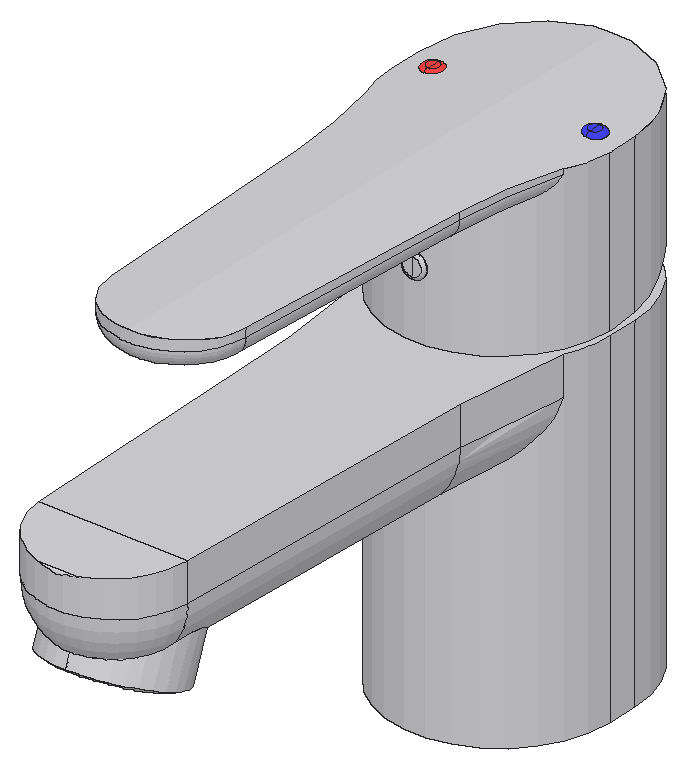
Revit family "Faucet-Lavatory-KOHLER-JULY-K-16027A_1", category Plumbing Fixtures, host Face, Revit 2017
Family settings
  Host = Face
  Round Connector Dimension = Use Diameter
  Part Type = Normal
  OmniClass Number = 23.31.11.00
  OmniClass Title = Faucets
  Cut with Voids When Loaded = No
  Shared = No
  Room Calculation Point = No
Parameters (values of type "4ND, CP-Polished Chrome")
  Width = 1 7/8"  # constant formula
  WaterSense Certified = 1 = 0  # no
  Waste Water Outlet = "Waste Water Outlet"  # constant formula
  Waste Connection = 1 = 0  # no
  Vent Connection = 1 = 0  # no
  URL = "https://www.kohlerasiapacific.com/"
  Type = 1
  Spout Reach = 4 11/32"  # constant formula
  Spout Height = if(Type = 1, 1 13/16", 2 117/128")  # 1 13/16"
  Product Page URL = ""
  Product Name = "JULY"  # constant formula
  Product Documentation Link = ""
  Pressure = 45.00 psi  # constant formula
  Model = if(Type = 1, "K-16027A-4ND-CP", if(Type = 2, "K-16027A-B4ND-CP", "NA"))  # "K-16027A-4ND-CP"
  Material = "Premium Metal Construction"  # constant formula
  Master Format 2014 Name = "Residential Faucets, Supplies, and Trim"  # constant formula
  Master Format 2014 = "22 41 39"  # constant formula
  Manufacturer Address = "No. 158 Jiang Chang San Road, Zhabei District, Shanghai, China"  # constant formula
  Manufacturer = "KOHLER Co."  # constant formula
  Length = Spout Reach  # 4 11/32"
  Hot Water Inlet = "Hot Water Inlet"  # constant formula
  Height = if(Type = 1, 4 125/256", 5 121/256")  # 4 125/256"
  Handle Clearance = 4 11/64"  # constant formula
  HW Connection = 1 = 1  # yes
  Flow Rate = 2.2 GPM  # constant formula
  Finish = Kohler-Metal-CP-Polished_Chrome
  Environmental Product Declaration = ""
  Drain Included = 1 = 0  # no
  Description = if(Type = 1, "Single Control Lavatory", "Plus Basin Mixture")  # "Single Control Lavatory"
  Default Elevation = 36"
  Declare Label = ""
  Date Modified = "08/27/2020"  # constant formula
  Date Created = "08/27/2020"  # constant formula
  Copyright = "Copyright KOHLER Co."  # constant formula
  Contact Us = "https://www.kohlerasiapacific.com/contact-us"
  Cold Water Inlet = "Cold Water Inlet"  # constant formula
  CW Connection = 1 = 1  # yes
  B4ND = Type = 2  # no
  Assembly Code = "D2010"
  ADA Compliant = 1 = 0  # no
  4ND = Type = 1  # yes
Types (3): name | Type | Spout Height | Model | Height | Description | B4ND | 4ND
  (no name) | 1 | 1 13/16" | "K-16027A-4ND-CP" | 4 125/256" | "Single Control Lavatory" | no | yes
  4ND, CP-Polished Chrome | 1 | 1 13/16" | "K-16027A-4ND-CP" | 4 125/256" | "Single Control Lavatory" | no | yes
  B4ND, CP-Polished Chrome | 2 | 2 117/128" | "K-16027A-B4ND-CP" | 5 121/256" | "Plus Basin Mixture" | yes | no
Reference planes
  plane 1 "Center (Front/Back)": y = 0
  plane 2: z = 0
  plane 3 "Center (Left/Right)": x = 0
  plane 4: y = 27.384
  plane 5: y = -27.384
  plane 6: y = -110.331
  plane 7: x = 23.813
  plane 8: x = -23.812
  plane 9: z = 114.002
  plane 10: z = 46.037
  plane 11: y = -105.966
  plane 12: y = -125.787
  plane 13: x = -12.299
  plane 14: x = 12.299
Dimensions and locks
  "Width": plane 8 to plane 7
  "Length": plane 6 to plane 1 "Center (Front/Back)"
  "Spout Reach": plane 1 "Center (Front/Back)" to plane 6
  "Handle Clearance": plane 11 to plane 1 "Center (Front/Back)"
  "Height": plane 9 to level
  "Spout Height": plane 10 to level
  aligned and locked: plane 2 to host face
  aligned and locked: level to host face
  aligned and locked: plane 2 to nested 1
Automatic sketch dimensions
  host sketch curve to host sketch curve = 96"  (x2)
Nested families
  nested 1: "K-16027A" at (0, 0, -24.9), type "K-16027A"
Connectors
  piping at (-12.299, 0, 0), diameter 12.7, driven by "Flow Rate", driven by "Pressure", driven by "HW Connection", driven by "Hot Water Inlet"
    settings: on nested 1, index 1, connector inside diameter 24", connector length 0", flow factor 0, pipe flow 2.2 GPM, pressure drop 45.00 psi, fitting loss kfactor 0, connector angle 0.00°, fixture units 0, engagement length 0", angle of deflection 0.00°, flow configuration 1, flow direction 1, fitting loss method 4, system type 19, joint type 0, gender type 0, connector reference index -1, connector utility 1, adjustable connector no, is connector primary yes, connector description "Hot Water Inlet"
  piping at (12.299, 0, 0), diameter 12.7, driven by "Flow Rate", driven by "Pressure", driven by "CW Connection", driven by "Cold Water Inlet"
    settings: on nested 1, index 2, connector inside diameter 24", connector length 0", flow factor 0, pipe flow 2.2 GPM, pressure drop 45.00 psi, fitting loss kfactor 0, connector angle 0.00°, fixture units 0, engagement length 0", angle of deflection 0.00°, flow configuration 1, flow direction 1, fitting loss method 4, system type 20, joint type 0, gender type 0, connector reference index -1, connector utility 1, adjustable connector no, is connector primary no, connector description "Cold Water Inlet"
Definition of nested family "K-16027A"
  Parameters (values of type "K-16027A")
    Material = none
    Base Height = if([4ND], 0.98031", 0")  # 0.98031"
    B4ND = yes
    4ND = yes
  Reference planes
    plane 1 "Center (Front/Back)": y = 0
    plane 2: z = 0
    plane 3 "Center (Left/Right)": x = 0
    plane 4: y = -110.331
    plane 5: z = 138.906
    plane 6: x = 23.813
    plane 7: x = -23.812
    plane 8: z = 73.819
    plane 9: y = 27.384
    plane 10: y = -27.384
    plane 11: x = -12.299
    plane 12 "A": z = 24.9
  Forms (mm)
    Revolve 1, solid, material <- "Material", detail levels medium+fine
      sketch origin (0, 0, 23.222) x (0, -1, 0) y (0, 0, 1)
        loop
          line (-24.939, 77.285) -> (-4.621, 77.285) -> (-4.621, 90.161) -> (-21.389, 90.161) -> (-22.393, 88.151)
          arc (-22.393, 88.151) -> (-24.028, 83.868) -> (-24.795, 79.349) r 23.355
          line (-24.795, 79.349) -> (-24.939, 77.285)
        axis (-4.621, 90.161) -> (-4.621, 77.285)
      angle from 0 to 360
    Extrusion 2, void
      sketch origin (0, -0.397, 23.123) x (0, -1, 0) y (0, 0, 1)
        loop
          line (-29.496, 90.459) -> (-29.496, 77.886) -> (28.588, 77.886) -> (28.588, 78.938) -> (2.454, 78.938)
          arc (2.454, 78.938) -> (-4.618, 79.713) -> (-11.356, 82) r 32.677
          line (-11.356, 82) -> (-29.496, 90.459)
        loop
          arc (109.603, 77.886) -> (117.194, 77.705) -> (124.767, 77.162) r 159.131
          arc (124.767, 77.162) -> (125.211, 76.94) -> (125.39, 76.477) r 0.688
          line (125.39, 76.477) -> (125.39, 73.176) -> (130.39, 73.176) -> (130.39, 83.176) -> (104.292, 83.176) -> (104.292, 77.886) -> (109.603, 77.886)
      from -33.139 to 33.857
    Extrusion 3, solid, material <- "Material", detail levels medium+fine
      sketch origin (0, 0, 0) x (0, -1, 0) y (1, 0, 0)
        loop
          line (3.521, 23.812) -> (-3.521, 23.812)
          arc (-3.521, 23.812) -> (-27.333, 0) -> (-3.521, -23.812) r 23.812
          line (-3.521, -23.812) -> (3.521, -23.812)
          arc (3.521, -23.812) -> (27.333, 0) -> (3.521, 23.812) r 23.812
      from 24.9 to 147.259
    Extrusion 4, solid, material <- "Material", detail levels medium+fine
      sketch origin (0, 0.794, 23.222) x (0, -1, 0) y (1, 0, 0)
        loop
          arc (37.997, 17.721) -> (23.802, 19.408) -> (9.941, 22.898) r 111.483
          arc (9.941, 22.898) -> (26.636, 0) -> (9.941, -22.898) r 24.05
          arc (9.941, -22.898) -> (23.802, -19.408) -> (37.997, -17.721) r 111.483
          line (37.997, -17.721) -> (92.775, -14.752)
          arc (92.775, -14.752) -> (106.749, 0) -> (92.775, 14.752) r 14.774
          line (92.775, 14.752) -> (37.997, 17.721)
      from 108.702 to 124.036
    Sweep 5, void
      path origin (0, 0.794, 23.222) x (0, -1, 0) y (1, 0, 0)
        loop
          arc (14.418, -21.563) -> (26.104, -19.009) -> (37.997, -17.721) r 111.483
          line (37.997, -17.721) -> (92.775, -14.752)
          arc (92.775, -14.752) -> (106.749, 0) -> (92.775, 14.752) r 14.774
          line (92.775, 14.752) -> (37.997, 17.721)
          arc (37.997, 17.721) -> (26.104, 19.009) -> (14.418, 21.563) r 111.483
      profile origin (0, -105.955, 23.222) x (0, 1, 0) y (0, 0, 1)
        loop
          arc (4.484, 108.702) -> (1.313, 110.015) -> (0, 113.186) r 4.484
          line (0, 113.186) -> (0, 114.113) -> (-1.686, 114.113) -> (-1.686, 106.545) -> (6.287, 106.545) -> (6.287, 108.702) -> (4.484, 108.702)
    Sweep 6, solid, material <- "Material", detail levels medium+fine
      path origin (0, 0, 0) x (0, -1, 0) y (1, 0, 0)
        loop
          arc (8.812, 22.547) -> (23.465, 20.002) -> (38.289, 18.809) r 162.178
          line (38.289, 18.809) -> (110, 16.339)
          arc (110, 16.339) -> (125.786, 0) -> (110, -16.339) r 16.349
          line (110, -16.339) -> (38.289, -18.809)
          arc (38.289, -18.809) -> (23.465, -20.002) -> (8.812, -22.547) r 162.178
      profile origin (0, -125.786, 0) x (0, -1, 0) y (0, 0, 1)
        loop
          arc (-15, 77.494) -> (-4.393, 81.888) -> (0, 92.494) r 15
          line (0, 92.494) -> (0, 101.009) -> (-15.89, 101.009) -> (-15.89, 77.494) -> (-15, 77.494)
    Revolve 7, solid, material <- "Material", detail levels medium+fine
      sketch origin (0, 0, 0) x (0, -1, 0) y (0, 0, 1)
        loop
          line (97.073, 69.052) -> (97.858, 69.369)
          arc (97.858, 69.369) -> (98.151, 69.07) -> (98.569, 69.067) r 0.547
          line (98.569, 69.067) -> (100.171, 69.714) -> (99.604, 71.119) -> (109.764, 75.224) -> (105.838, 84.94) -> (92.784, 79.666) -> (97.073, 69.052)
        axis (105.838, 84.94) -> (110.331, 73.819)
      angle from 0 to 360
    Extrusion 8, solid, material <- "Material", detail levels coarse
      sketch origin (0, 0, 0) x (0, -1, 0) y (1, 0, 0)
        loop
          arc (-3.521, 23.812) -> (-27.333, 0) -> (-3.521, -23.812) r 23.812
          line (-3.521, -23.812) -> (3.521, -23.812)
          arc (3.521, -23.812) -> (27.333, 0) -> (3.521, 23.812) r 23.812
          line (3.521, 23.812) -> (-3.521, 23.812)
      from 24.9 to 138.906
    Extrusion 9, solid, material <- "Material", detail levels coarse
      sketch origin (0, 0, 0) x (0, -1, 0) y (1, 0, 0)
        loop
          line (93.526, 14.752) -> (9.926, 19.284) -> (9.926, -19.284) -> (93.526, -14.752)
          arc (93.526, -14.752) -> (107.5, 0) -> (93.526, 14.752) r 14.774
      from 131.924 to 138.906
    Extrusion 10, solid, material <- "Material", detail levels coarse
      sketch origin (0, 0, 0) x (0, -1, 0) y (1, 0, 0)
        loop
          line (101.314, 16.339) -> (8.487, 19.536) -> (8.487, -19.536) -> (101.314, -16.339)
          arc (101.314, -16.339) -> (117.101, 0) -> (101.314, 16.339) r 16.349
      from 77.494 to 101.009
    Extrusion 11, solid, material <- "Material", detail levels medium+fine
      sketch origin (0, 0, 0) x (0, -1, 0) y (1, 0, 0)
        loop
          arc (37.742, 2.928) -> (21.466, 4.238) -> (5.377, 7.033) r 178.068
          line (5.377, 7.033) -> (5.377, -7.033)
          arc (5.377, -7.033) -> (21.466, -4.238) -> (37.742, -2.928) r 178.068
          line (37.742, -2.928) -> (109.453, -0.459)
          arc (109.453, -0.459) -> (109.896, 0) -> (109.453, 0.459) r 0.459
          line (109.453, 0.459) -> (37.742, 2.928)
      from 77.494 to 101.009
    Extrusion 12, void
      sketch origin (0, 0, 0) x (1, 0, 0) y (0, 0, 1)
        loop
          line (32.225, 157.927) -> (-32.225, 157.927) -> (-32.225, 135.739)
          arc (-32.225, 135.739) -> (0, 138.906) -> (32.225, 135.739) r 165.503
          line (32.225, 135.739) -> (32.225, 157.927)
      from -36.886 to 109.17
    Revolve 13, solid
      sketch origin (17.798, 0, 0) x (0, -1, 0) y (0, 0, 1)
        loop
          line (0, 138.267) -> (-1.454, 138.267)
          arc (-1.454, 138.267) -> (-2.152, 137.977) -> (-2.441, 137.279) r 0.988
          line (-2.441, 137.279) -> (-2.441, 135.977) -> (0, 135.977) -> (0, 138.267)
        axis (0, 138.267) -> (0, 135.977)
      angle from 0 to 360
    Revolve 14, solid
      sketch origin (-17.798, 0, 0) x (0, -1, 0) y (0, 0, -1)
        loop
          line (0, -138.267) -> (0, -135.977) -> (-2.441, -135.977) -> (-2.441, -137.279)
          arc (-2.441, -137.279) -> (-2.152, -137.977) -> (-1.454, -138.267) r 0.988
          line (-1.454, -138.267) -> (0, -138.267)
        axis (0, -138.267) -> (0, -135.977)
      angle from 0 to 360
    Extrusion 15, solid, material <- "Material", detail levels medium+fine
      sketch origin (0, 0, 24.9) x (-1, 0, 0) y (0, -1, 0)
        loop
          circle (12.299, 0) r 6.35
        loop
          circle (-12.299, 0) r 6.35
      from 0 to 3
    Revolve 16, solid, material <- "Material", detail levels medium+fine
      sketch origin (0, 0, 4.375) x (0, 1, 0) y (0, 0, 1)
        loop
          line (-27.948, 112.687) -> (-26.53, 112.687) -> (-26.53, 115.38) -> (-27.327, 115.38)
          arc (-27.327, 115.38) -> (-27.766, 115.198) -> (-27.948, 114.759) r 0.621
          line (-27.948, 114.759) -> (-27.948, 112.687)
        axis (-27.948, 112.687) -> (-26.53, 112.687)
      angle from 0 to 360
  Cuts and joins
    Extrusion 12 cuts Extrusion 8
    Extrusion 12 cuts Extrusion 9
    joined: Extrusion 8, Extrusion 9, Extrusion 10
    Extrusion 2, Extrusion 12 cuts Extrusion 3
    Sweep 5, Extrusion 12 cuts Extrusion 4
    Extrusion 2 cuts Sweep 6
    joined: Revolve 1, Extrusion 3, Extrusion 4, Sweep 6, Revolve 7, Extrusion 11
  Lines and regions (mm)
    Masking region 1
      outline origin (0, 0, 0) x (1, 0, 0) y (0, 0, 1)
        loop
          line (-23.812, 24.9) -> (23.813, 24.9) -> (23.813, 99.009)
          arc (23.813, 99.009) -> (23.227, 100.424) -> (21.813, 101.009) r 2
          line (21.813, 101.009) -> (19.465, 101.009) -> (19.465, 102.687) -> (21.813, 102.687)
          arc (21.813, 102.687) -> (23.227, 103.272) -> (23.813, 104.687) r 2
          line (23.813, 104.687) -> (23.813, 135.881)
          arc (23.813, 135.881) -> (23.443, 136.867) -> (22.517, 137.367) r 1.5
          arc (22.517, 137.367) -> (21.349, 137.524) -> (20.18, 137.671) r 165.503
          arc (20.18, 137.671) -> (19.784, 138.109) -> (19.218, 138.271) r 1.071
          line (19.218, 138.271) -> (16.709, 138.271)
          arc (16.709, 138.271) -> (16.312, 138.238) -> (15.927, 138.138) r 2.366
          arc (15.927, 138.138) -> (7.973, 138.714) -> (0, 138.906) r 165.503
          arc (0, 138.906) -> (-7.973, 138.714) -> (-15.927, 138.138) r 165.503
          arc (-15.927, 138.138) -> (-16.312, 138.238) -> (-16.709, 138.271) r 2.366
          line (-16.709, 138.271) -> (-19.218, 138.271)
          arc (-19.218, 138.271) -> (-19.784, 138.109) -> (-20.18, 137.671) r 1.071
          arc (-20.18, 137.671) -> (-21.349, 137.524) -> (-22.517, 137.367) r 165.503
          arc (-22.517, 137.367) -> (-23.443, 136.867) -> (-23.812, 135.881) r 1.5
          line (-23.812, 135.881) -> (-23.812, 104.711)
          arc (-23.812, 104.711) -> (-23.22, 103.279) -> (-21.789, 102.687) r 2.024
          line (-21.789, 102.687) -> (-19.465, 102.687) -> (-19.465, 101.009) -> (-21.812, 101.009)
          arc (-21.812, 101.009) -> (-23.227, 100.424) -> (-23.812, 99.009) r 2
          line (-23.812, 99.009) -> (-23.812, 24.9)
    Masking region 2
      outline origin (0, 0, 0) x (0, 1, 0) y (0, 0, 1)
        loop
          line (27.384, 24.9) -> (27.384, 99.503)
          arc (27.384, 99.503) -> (26.943, 100.568) -> (25.878, 101.009) r 1.506
          line (25.878, 101.009) -> (24.902, 101.009)
          arc (24.902, 101.009) -> (24.227, 106.188) -> (22.38, 111.074) r 22.589
          line (22.38, 111.074) -> (26.465, 112.979)
          arc (26.465, 112.979) -> (27.135, 113.566) -> (27.384, 114.422) r 1.592
          line (27.384, 114.422) -> (27.384, 137.37)
          arc (27.384, 137.37) -> (27.214, 137.828) -> (26.785, 138.063) r 0.7
          arc (26.785, 138.063) -> (20.933, 138.695) -> (15.051, 138.906) r 82.018
          line (15.051, 138.906) -> (-95, 138.906)
          arc (-95, 138.906) -> (-100.193, 138.704) -> (-105.355, 138.1) r 66.875
          arc (-105.355, 138.1) -> (-105.785, 137.86) -> (-105.955, 137.398) r 0.71
          line (-105.955, 137.398) -> (-105.955, 136.339)
          arc (-105.955, 136.339) -> (-105.34, 134.247) -> (-103.69, 132.821) r 3.864
          arc (-103.69, 132.821) -> (-97.393, 131.167) -> (-90.905, 131.703) r 19.276
          arc (-90.905, 131.703) -> (-90.039, 131.869) -> (-89.16, 131.924) r 6.99
          line (-89.16, 131.924) -> (-38.384, 131.924)
          arc (-38.384, 131.924) -> (-30.689, 128.785) -> (-27.387, 121.159) r 11
          line (-27.387, 121.159) -> (-27.387, 119.753)
          arc (-27.387, 119.753) -> (-27.787, 119.552) -> (-27.948, 119.134) r 0.621
          line (-27.948, 119.134) -> (-27.948, 114.989)
          arc (-27.948, 114.989) -> (-27.786, 114.571) -> (-27.384, 114.37) r 0.621
          line (-27.384, 114.37) -> (-27.384, 104.187)
          arc (-27.384, 104.187) -> (-26.945, 103.126) -> (-25.884, 102.687) r 1.5
          line (-25.884, 102.687) -> (-20.187, 102.687) -> (-20.187, 101.009) -> (-110, 101.009)
          arc (-110, 101.009) -> (-117.591, 100.828) -> (-125.164, 100.285) r 159.131
          arc (-125.164, 100.285) -> (-125.608, 100.063) -> (-125.786, 99.6) r 0.688
          line (-125.786, 99.6) -> (-125.786, 92.494)
          arc (-125.786, 92.494) -> (-124.985, 87.656) -> (-122.665, 83.334) r 15
          line (-122.665, 83.334) -> (-123.118, 82.212) -> (-122.391, 81.918) -> (-123.307, 79.651) -> (-122.395, 79.283)
          arc (-122.395, 79.283) -> (-122.392, 78.864) -> (-122.093, 78.571) r 0.547
          line (-122.093, 78.571) -> (-98.569, 69.067)
          arc (-98.569, 69.067) -> (-98.151, 69.07) -> (-97.858, 69.369) r 0.547
          line (-97.858, 69.369) -> (-96.946, 69) -> (-96.03, 71.267) -> (-95.303, 70.973) -> (-92.668, 77.494) -> (-41.384, 77.494)
          arc (-41.384, 77.494) -> (-31.485, 73.394) -> (-27.384, 63.494) r 14
          line (-27.384, 63.494) -> (-27.384, 24.9) -> (27.384, 24.9)
    Masking region 3
      outline origin (0, 0, 0) x (1, 0, 0) y (0, 1, 0)
        loop
          line (-23.812, 3.521) -> (-23.812, -3.521)
          arc (-23.812, -3.521) -> (-23.577, -6.86) -> (-22.876, -10.133) r 23.812
          arc (-22.876, -10.133) -> (-20.884, -18.364) -> (-19.62, -26.737) r 96.512
          arc (-19.62, -26.737) -> (-19.112, -32.506) -> (-18.809, -38.289) r 162.178
          line (-18.809, -38.289) -> (-16.339, -110)
          arc (-16.339, -110) -> (0, -125.787) -> (16.339, -110) r 16.349
          line (16.339, -110) -> (18.809, -38.289)
          arc (18.809, -38.289) -> (19.112, -32.506) -> (19.62, -26.737) r 162.178
          arc (19.62, -26.737) -> (20.884, -18.364) -> (22.876, -10.133) r 96.512
          arc (22.876, -10.133) -> (23.577, -6.86) -> (23.813, -3.521) r 23.812
          line (23.813, -3.521) -> (23.813, 3.521)
          arc (23.813, 3.521) -> (16.841, 20.377) -> (0, 27.384) r 23.864
          arc (0, 27.384) -> (-16.841, 20.377) -> (-23.812, 3.521) r 23.864
    symbolic lines, detail levels medium+fine
      curve 1: spline (0, 0, 69.714) -> (-2.836, 0, 69.854) -> (-5.479, 0, 70.264) -> (-7.748, 0, 70.916) -> (-9.49, 0, 71.766) -> (-10.584, 0, 72.756) -> (-10.958, 0, 73.819) -> (-10.584, 0, 74.881) -> (-9.49, 0, 75.871) -> (-7.748, 0, 76.721) -> (-5.479, 0, 77.374) -> (-2.836, 0, 77.784) -> (0, 0, 77.924)
      curve 2: spline (0, 0, 68.707) -> (-3.882, 0, 68.898) -> (-7.5, 0, 69.459) -> (-10.607, 0, 70.352) -> (-12.99, 0, 71.516) -> (-14.489, 0, 72.871) -> (-15, 0, 74.326) -> (-14.489, 0, 75.78) -> (-12.99, 0, 77.135) -> (-10.607, 0, 78.299) -> (-7.5, 0, 79.192) -> (-3.882, 0, 79.753) -> (0, 0, 79.945)
      curve 3: spline (0, 0, 69.369) -> (-3.425, 0, 69.538) -> (-6.616, 0, 70.033) -> (-9.357, 0, 70.821) -> (-11.46, 0, 71.847) -> (-12.782, 0, 73.043) -> (-13.232, 0, 74.326) -> (-12.782, 0, 75.609) -> (-11.46, 0, 76.804) -> (-9.357, 0, 77.831) -> (-6.616, 0, 78.619) -> (-3.425, 0, 79.114) -> (0, 0, 79.283)
      curve 4: spline (0, 0, 71.119) -> (-1.274, 0, 71.147) -> (-2.532, 0, 71.23) -> (-3.754, 0, 71.368) -> (-4.926, 0, 71.557) -> (-6.031, 0, 71.797) -> (-7.054, 0, 72.083) -> (-7.981, 0, 72.411) -> (-8.8, 0, 72.778) -> (-9.5, 0, 73.178) -> (-10.071, 0, 73.606) -> (-10.505, 0, 74.056) -> (-10.796, 0, 74.521)
      curve 5: spline (0, 0, 69.714) -> (2.836, 0, 69.854) -> (5.479, 0, 70.264) -> (7.748, 0, 70.916) -> (9.49, 0, 71.766) -> (10.584, 0, 72.756) -> (10.958, 0, 73.819) -> (10.584, 0, 74.881) -> (9.49, 0, 75.871) -> (7.748, 0, 76.721) -> (5.479, 0, 77.374) -> (2.836, 0, 77.784) -> (0, 0, 77.924)
      curve 6: spline (0, 0, 68.707) -> (3.882, 0, 68.898) -> (7.5, 0, 69.459) -> (10.607, 0, 70.352) -> (12.99, 0, 71.516) -> (14.489, 0, 72.871) -> (15, 0, 74.326) -> (14.489, 0, 75.78) -> (12.99, 0, 77.135) -> (10.607, 0, 78.299) -> (7.5, 0, 79.192) -> (3.882, 0, 79.753) -> (0, 0, 79.945)
      curve 7: spline (0, 0, 69.369) -> (3.425, 0, 69.538) -> (6.616, 0, 70.033) -> (9.357, 0, 70.821) -> (11.46, 0, 71.847) -> (12.782, 0, 73.043) -> (13.232, 0, 74.326) -> (12.782, 0, 75.609) -> (11.46, 0, 76.804) -> (9.357, 0, 77.831) -> (6.616, 0, 78.619) -> (3.425, 0, 79.114) -> (0, 0, 79.283)
      curve 8: spline (0, 0, 71.119) -> (1.274, 0, 71.147) -> (2.532, 0, 71.23) -> (3.754, 0, 71.368) -> (4.926, 0, 71.557) -> (6.031, 0, 71.797) -> (7.054, 0, 72.083) -> (7.981, 0, 72.411) -> (8.8, 0, 72.778) -> (9.5, 0, 73.178) -> (10.071, 0, 73.606) -> (10.505, 0, 74.056) -> (10.796, 0, 74.521)
      curve 9: arc (-15, 0, 80.775) -> (-17.768, 0, 84.753) -> (-18.743, 0, 89.501) r 12.042
      curve 10: line (-18.743, 0, 89.501) -> (-18.743, 0, 101.009)
      curve 11: line (-19.465, 0, 101.009) -> (19.465, 0, 101.009)
      curve 12: line (-15, 0, 74.326) -> (-15, 0, 81.452)
      curve 13: spline (-15, 0, 81.452) -> (-14.872, 0, 82.185) -> (-14.489, 0, 82.906) -> (-13.858, 0, 83.602) -> (-12.99, 0, 84.261) -> (-11.9, 0, 84.872) -> (-10.607, 0, 85.425) -> (-9.131, 0, 85.91) -> (-7.5, 0, 86.318) -> (-5.74, 0, 86.643) -> (-3.882, 0, 86.879) -> (-1.958, 0, 87.023) -> (0, 0, 87.071)
      curve 14: arc (15, 0, 80.775) -> (17.768, 0, 84.753) -> (18.743, 0, 89.501) r 12.042
      curve 15: line (18.743, 0, 89.501) -> (18.743, 0, 101.009)
      curve 16: line (15, 0, 74.326) -> (15, 0, 81.452)
      curve 17: spline (15, 0, 81.452) -> (14.872, 0, 82.185) -> (14.489, 0, 82.906) -> (13.858, 0, 83.602) -> (12.99, 0, 84.261) -> (11.9, 0, 84.872) -> (10.607, 0, 85.425) -> (9.131, 0, 85.91) -> (7.5, 0, 86.318) -> (5.74, 0, 86.643) -> (3.882, 0, 86.879) -> (1.958, 0, 87.023) -> (0, 0, 87.071)
      curve 18: line (19.465, 0, 102.687) -> (-19.465, 0, 102.687)
      curve 19: line (-8.223, 0, 83.279) -> (-8.223, 0, 79.025)
      curve 20: line (8.223, 0, 83.279) -> (8.223, 0, 79.025)
      curve 21: arc (-8.223, 0, 83.279) -> (0, 0, 84.429) -> (8.223, 0, 83.279) r 29.968
      curve 22: line (0, 22.38, 111.074) -> (0, 10.959, 105.748)
      curve 23: arc (0, -2.851, 102.687) -> (0, 4.221, 103.461) -> (0, 10.959, 105.748) r 32.677
      curve 24: line (0, -2.851, 102.687) -> (0, -20.187, 102.687)
      curve 25: line (0, 24.902, 101.009) -> (0, -20.187, 101.009)
      curve 26: arc (0, -104.064, 79.272) -> (0, -98.304, 77.941) -> (0, -92.41, 77.494) r 39.085
      curve 27: arc (-14.752, -91.981, 0) -> (0, -105.955, 0) -> (14.752, -91.981, 0) r 14.774
      curve 28: line (-17.721, -37.203, 0) -> (-14.752, -91.981, 0)
      curve 29: arc (-23.512, -7.29, 0) -> (-19.59, -22.048, 0) -> (-17.721, -37.203, 0) r 111.483
      curve 30: line (17.721, -37.203, 0) -> (14.752, -91.981, 0)
      curve 31: arc (23.512, -7.29, 0) -> (19.59, -22.048, 0) -> (17.721, -37.203, 0) r 111.483
      curve 32: circle (-17.798, 0, 0) r 2.441 normal (0, 0, 1)
      curve 33: circle (17.798, 0, 0) r 2.441 normal (0, 0, -1)
      curve 34: line (0, -97.858, 69.369) -> (0, -122.395, 79.283)
      curve 35: arc (0, -122.665, 83.334) -> (0, -113.275, 81.712) -> (0, -104.064, 79.272) r 108.604
      curve 36: line (-15.64, 0, 131.924) -> (15.64, 0, 131.924)
      curve 37: arc (-21.563, 0, 136.408) -> (-19.355, 0, 133.172) -> (-15.64, 0, 131.924) r 6.153
      curve 38: arc (21.563, 0, 136.408) -> (19.355, 0, 133.172) -> (15.64, 0, 131.924) r 6.153
      curve 39: arc (-20.18, 0, 137.671) -> (-18.055, 0, 137.919) -> (-15.927, 0, 138.138) r 165.503
      curve 40: arc (20.18, 0, 137.671) -> (18.055, 0, 137.919) -> (15.927, 0, 138.138) r 165.503
      curve 41: line (0, -27.387, 119.753) -> (0, -27.384, 114.37)
      curve 42: circle (0, 0, 117.062) r 2.694 normal (0, -1, 0)
      curve 43: arc (-21.349, 0, 137.524) -> (-21.587, 0, 136.991) -> (-21.563, 0, 136.408) r 1.268
      curve 44: arc (21.349, 0, 137.524) -> (21.587, 0, 136.991) -> (21.563, 0, 136.408) r 1.268
      curve 45: arc (-18.22, 0, 137.082) -> (-16.132, 0, 133.388) -> (-12.148, 0, 131.924) r 6.153
      curve 46: arc (-17.721, 0, 137.955) -> (-18.125, 0, 137.607) -> (-18.22, 0, 137.082) r 0.797
      curve 47: arc (18.22, 0, 137.082) -> (16.132, 0, 133.388) -> (12.148, 0, 131.924) r 6.153
      curve 48: arc (17.721, 0, 137.955) -> (18.125, 0, 137.607) -> (18.22, 0, 137.082) r 0.797
  Dimensions and locks
    plane 1 "Center (Front/Back)" to plane 4 = 4 11/32"
    plane 7 to plane 6 = 1 7/8"
    plane 4 to plane 1 "Center (Front/Back)" = 4 11/32"
    "Base Height": plane 12 "A" to level
    aligned and locked: plane 2 to level
    aligned and locked: cut or joined group of Revolve 1, Extrusion 2, Extrusion 3, Extrusion 4, Sweep 5, Sweep 6, Revolve 7, Extrusion 11, Extrusion 12 to plane 12 "A"
    aligned and locked: cut or joined group of Extrusion 8, Extrusion 9, Extrusion 10, Extrusion 12 to plane 12 "A"
    aligned and locked: Extrusion 15 to plane 12 "A"
    aligned and locked: Masking region 1 to plane 12 "A"
    aligned and locked: plane 12 "A" to Masking region 2
  Automatic sketch dimensions
    plane 1 "Center (Front/Back)" to curve 32 = 0"
    curve 27 to plane 3 "Center (Left/Right)" = 0"
    plane 1 "Center (Front/Back)" to curve 33 = 0"
    plane 11 to curve 28 = 0.0966"
    plane 11 to curve 28 = 0.21349"
    plane 11 to curve 32 = 0.21652"
    plane 10 to curve 29 = 0.62409"
    curve 29 to plane 7 = 4.14284"
    plane 6 to curve 30 = 0.35669"
    plane 6 to curve 30 = 0.23981"
    plane 6 to curve 33 = 0.23678"
    plane 10 to curve 31 = 0.62409"
    curve 31 to plane 6 = 4.14284"
    plane 4 to curve 27 = 0.75394"
    curve 28 to curve 27 = 0.03148"
    plane 10 to curve 30 = 0.38655"
    plane 10 to curve 28 = 0.38655"
    plane 7 to curve 29 = 0.01182"
    plane 6 to curve 31 = 0.01182"
    curve 41 to plane 10 = 0"
    plane 4 to curve 26 = 0.70556"
    curve 35 to plane 4 = 1.02815"
    plane 1 "Center (Front/Back)" to curve 24 = 0.11225"
    curve 22 to plane 1 "Center (Front/Back)" = 0.43145"
    curve 35 to level = 0.9603"
    plane 8 to curve 24 = 1.13653"
    curve 23 to curve 22 = 0.12054"
    curve 26 to plane 5 = 0.87902"
    plane 10 to curve 41 = 0.0001"
    curve 34 to plane 8 = 0.1752"
    curve 34 to curve 26 = 0.21446"
    plane 8 to curve 26 = 0.21471"
    curve 35 to curve 26 = 0"
    plane 8 to curve 34 = 0.21512"
    curve 34 to plane 4 = 0.47496"
    curve 35 to curve 34 = 0.01061"
    curve 24 to plane 10 = 0.28337"
    curve 25 to curve 24 = 0"
    curve 22 to plane 9 = 0.19703"
    curve 25 to plane 9 = 0.09773"
    curve 25 to curve 23 = 0.18657"
    curve 25 to curve 22 = 0.39624"
    curve 24 to curve 41 = 0.45999"
    curve 41 to curve 41 = 0.2119"
    curve 39 to curve 40 = 0"  (x2)
    curve 1 to plane 8 = 0"
    curve 3 to plane 3 "Center (Left/Right)" = 0"
    curve 8 to plane 3 "Center (Left/Right)" = 0"
    curve 2 to plane 3 "Center (Left/Right)" = 0"
    curve 13 to plane 3 "Center (Left/Right)" = 0"
    curve 42 to plane 3 "Center (Left/Right)" = 0"
    curve 40 to plane 3 "Center (Left/Right)" = 0"
    curve 1 to plane 3 "Center (Left/Right)" = 0"
    curve 21 to plane 3 "Center (Left/Right)" = 0"
    curve 9 to plane 11 = 0.22041"
    curve 19 to plane 11 = 0.16046"
    curve 45 to plane 11 = 0.00593"
    plane 11 to curve 12 = 0.10635"
    curve 37 to plane 5 = 0.03264"
    plane 11 to curve 37 = 0.13156"
    curve 46 to curve 37 = 0.07058"
    plane 7 to curve 10 = 0.1996"
    curve 43 to curve 46 = 0.11454"
    plane 3 "Center (Left/Right)" to curve 14 = 0.26379"
    curve 14 to curve 20 = 0.05994"
    curve 47 to plane 5 = 0.03264"
    plane 6 to curve 47 = 0.45923"
    curve 20 to curve 16 = 0.26681"
    curve 38 to plane 5 = 0.03264"
    curve 47 to curve 38 = 0.13749"
    curve 38 to curve 48 = 0.07058"
    plane 6 to curve 15 = 0.1996"
    curve 48 to curve 44 = 0.11454"
    curve 21 to plane 8 = 0.76212"
    curve 40 to level = 1.04711"
    plane 8 to curve 16 = 0.30051"
    plane 8 to curve 12 = 0.30051"
    curve 16 to curve 20 = 0.07194"
    curve 17 to curve 15 = 0.31689"
    curve 19 to curve 9 = 0.24495"
    curve 42 to plane 5 = 0.86003"
    curve 36 to curve 37 = 0.24224"
    curve 43 to plane 5 = 0.0848"
    curve 44 to plane 5 = 0.0848"
    curve 48 to plane 5 = 0.06673"
    curve 46 to plane 5 = 0.06673"
    curve 45 to plane 5 = 0.03264"
    plane 8 to curve 4 = 0.02766"
    curve 4 to plane 11 = 0.05916"
    curve 4 to curve 4 = 0.00637"
    curve 1 to curve 4 = 0.00637"
    plane 11 to curve 3 = 0.03676"
    curve 39 to curve 37 = 0.01127"
    curve 46 to curve 46 = 0.01135"
    curve 46 to curve 45 = 0"
    curve 11 to curve 10 = 0.02844"
    curve 18 to curve 11 = 0"  (x2)
    curve 43 to curve 39 = 0.0064"
    curve 37 to curve 43 = 0.00843"
    curve 43 to curve 37 = 0"
    plane 8 to curve 8 = 0.02766"
    curve 8 to curve 16 = 0.16551"
    curve 8 to curve 8 = 0.00637"
    plane 8 to curve 7 = 0.01996"
    curve 7 to curve 16 = 0.06959"
    curve 36 to curve 38 = 0"
    curve 38 to curve 40 = 0.01127"
    curve 48 to curve 48 = 0.01135"
    curve 48 to curve 47 = 0"
    curve 15 to curve 11 = 0.02844"
    curve 40 to curve 44 = 0.0064"
    curve 44 to curve 38 = 0.00843"
    curve 44 to curve 38 = 0"
    curve 1 to curve 4 = 0.05532"
    curve 3 to curve 1 = 0.01359"
    curve 2 to curve 3 = 0.02607"
    plane 8 to curve 6 = 0.01996"
    curve 12 to curve 2 = 0"
    curve 16 to curve 6 = 0"
    curve 13 to curve 17 = 0.22122"
    curve 15 to curve 11 = 0.4531"
    curve 11 to curve 18 = 0.06603"
    Revolve 1 sketch curve to plane 9 = 0.09626"
    Revolve 1 sketch curve to Revolve 1 sketch curve = 0.00568"
    Revolve 1 sketch curve to plane 9 = 0.19651"
    Revolve 1 sketch curve to Revolve 1 sketch curve = 0.03952"
    Revolve 1 sketch curve to plane 1 "Center (Front/Back)" = 0.18193"
    Revolve 1 sketch curve to plane 1 "Center (Front/Back)" = 0.05894"
    plane 8 to Revolve 1 sketch curve = 1.05075"
    Revolve 1 sketch curve to Revolve 1 sketch curve = 0.01708"
    Revolve 1 sketch curve to Revolve 1 sketch curve = 0.08122"
    Revolve 1 sketch curve to Revolve 1 sketch curve = 0.07916"
    Revolve 1 sketch curve to Revolve 1 sketch curve = 0"  (x2)
    Revolve 1 sketch curve to Revolve 1 sketch curve = 0.39351"
    plane 9 to Extrusion 2 sketch curve = 0.06751"
    Extrusion 2 sketch curve to plane 1 "Center (Front/Back)" = 0.43145"
    plane 1 "Center (Front/Back)" to Extrusion 2 sketch curve = 0.11225"
    plane 10 to Extrusion 2 sketch curve = 0.06303"
    plane 4 to Extrusion 2 sketch curve = 0.22216"
    plane 4 to Extrusion 2 sketch curve = 0.01304"
    Extrusion 2 sketch curve to plane 4 = 0.58138"
    Extrusion 2 sketch curve to Extrusion 2 sketch curve = 0.02709"
    Extrusion 2 sketch curve to Extrusion 2 sketch curve = 0.19685"
    Extrusion 2 sketch curve to level = 2.28825"
    plane 8 to Extrusion 2 sketch curve = 0.88504"
    Extrusion 2 sketch curve to Extrusion 2 sketch curve = 0.12997"
    plane 8 to Extrusion 2 sketch curve = 1.0705"
    Extrusion 2 sketch curve to Extrusion 2 sketch curve = 0.05548"
    Extrusion 2 sketch curve to Extrusion 2 sketch curve = 0.04143"
    Extrusion 2 sketch curve to Extrusion 2 sketch curve = 0.12054"
    Extrusion 2 sketch curve to Extrusion 2 sketch curve = 0.20825"
    Extrusion 2 sketch curve to Extrusion 2 sketch curve = 0.49499"
    Extrusion 3 sketch curve to plane 7 = 0"
    Extrusion 3 sketch curve to plane 6 = 0"
    Extrusion 3 sketch curve to plane 1 "Center (Front/Back)" = 0.13861"
    plane 1 "Center (Front/Back)" to Extrusion 3 sketch curve = 0.13861"
    Extrusion 4 sketch curve to plane 3 "Center (Left/Right)" = 0"  (x2)
    plane 1 "Center (Front/Back)" to Extrusion 4 sketch curve = 0.07058"
    plane 10 to Extrusion 4 sketch curve = 0.38655"  (x2)
    plane 10 to Extrusion 4 sketch curve = 0.62409"  (x2)
    plane 4 to Extrusion 4 sketch curve = 0.75394"
    plane 6 to Extrusion 4 sketch curve = 0.35669"
    Extrusion 4 sketch curve to Extrusion 4 sketch curve = 0.03148"
    plane 11 to Extrusion 4 sketch curve = 0.0966"
    plane 11 to Extrusion 4 sketch curve = 0.21349"
    Extrusion 4 sketch curve to plane 7 = 4.14284"
    plane 6 to Extrusion 4 sketch curve = 0.23981"
    Extrusion 4 sketch curve to plane 6 = 4.14284"
    Extrusion 4 sketch curve to Extrusion 4 sketch curve = 0"
    Sweep 5 sketch curve to plane 3 "Center (Left/Right)" = 0"
    plane 10 to Sweep 5 sketch curve = 0.38655"  (x2)
    plane 10 to Sweep 5 sketch curve = 0.62409"  (x2)
    plane 4 to Sweep 5 sketch curve = 0.75394"
    plane 11 to Sweep 5 sketch curve = 0.0966"
    Sweep 5 sketch curve to Sweep 5 sketch curve = 0.03148"
    plane 6 to Sweep 5 sketch curve = 0.35669"
    plane 11 to Sweep 5 sketch curve = 0.21349"
    Sweep 5 sketch curve to plane 7 = 4.14284"
    plane 6 to Sweep 5 sketch curve = 0.23981"
    Sweep 5 sketch curve to plane 6 = 4.14284"
    plane 6 to Sweep 5 sketch curve = 0.08858"
    plane 7 to Sweep 5 sketch curve = 0.08858"
    Sweep 5 sketch curve to profile plane = 0"
    profile plane to Sweep 5 sketch curve = 0.06637"
    Sweep 5 sketch curve to profile plane = 0.17654"
    Sweep 5 sketch curve to Sweep 5 sketch curve = 0.07099"
    profile plane to Sweep 5 sketch curve = 4.19467"
    Sweep 5 sketch curve to Sweep 5 sketch curve = 0.08494"
    Sweep 5 sketch curve to Sweep 5 sketch curve = 0.03651"
    Sweep 6 sketch curve to plane 3 "Center (Left/Right)" = 0"
    plane 6 to Sweep 6 sketch curve = 0.19699"
    plane 10 to Sweep 6 sketch curve = 0.42932"  (x2)
    plane 7 to Sweep 6 sketch curve = 0.19699"
    plane 10 to Sweep 6 sketch curve = 0.64906"  (x2)
    plane 4 to Sweep 6 sketch curve = 0.03519"
    plane 4 to Sweep 6 sketch curve = 0.01304"  (x2)
    Sweep 6 sketch curve to plane 7 = 6.18421"
    plane 11 to Sweep 6 sketch curve = 0.15908"
    Sweep 6 sketch curve to plane 6 = 6.18421"
    plane 6 to Sweep 6 sketch curve = 0.0498"
    plane 7 to Sweep 6 sketch curve = 0.0498"
    Sweep 6 sketch curve to profile plane = 0"
    profile plane to Sweep 6 sketch curve = 0.59055"
    Sweep 6 sketch curve to Sweep 6 sketch curve = 0.03504"
    profile plane to Sweep 6 sketch curve = 3.05096"
    Sweep 6 sketch curve to Sweep 6 sketch curve = 0.33523"
    Revolve 7 sketch curve to plane 4 = 0"
    Revolve 7 sketch curve to plane 8 = 0"
    plane 4 to Revolve 7 sketch curve = 0.02235"
    plane 4 to Revolve 7 sketch curve = 0.1769"
    Revolve 7 sketch curve to plane 8 = 0.16161"
    plane 4 to Revolve 7 sketch curve = 0.39999"
    Revolve 7 sketch curve to plane 8 = 0.10628"
    Revolve 7 sketch curve to Revolve 7 sketch curve = 0.02235"
    Revolve 7 sketch curve to plane 8 = 0.18709"
    Revolve 7 sketch curve to Revolve 7 sketch curve = 0.00806"
    Revolve 7 sketch curve to plane 8 = 0.1752"
    Revolve 7 sketch curve to Revolve 7 sketch curve = 0.01996"
    Revolve 7 sketch curve to plane 8 = 0.18768"
    Revolve 7 sketch curve to plane 4 = 0.06867"
    Revolve 7 sketch curve to plane 8 = 0.16997"
    Extrusion 8 sketch curve to plane 3 "Center (Left/Right)" = 0"
    Extrusion 8 sketch curve to plane 6 = 0"
    Extrusion 8 sketch curve to plane 1 "Center (Front/Back)" = 0.13861"
    plane 1 "Center (Front/Back)" to Extrusion 8 sketch curve = 0.13861"
    Extrusion 9 sketch curve to plane 3 "Center (Left/Right)" = 0"
    plane 6 to Extrusion 9 sketch curve = 0.17831"
    plane 1 "Center (Front/Back)" to Extrusion 9 sketch curve = 0.39079"
    plane 4 to Extrusion 9 sketch curve = 0.69312"
    plane 11 to Extrusion 9 sketch curve = 0.0966"
    Extrusion 9 sketch curve to Extrusion 9 sketch curve = 0.03148"
    plane 6 to Extrusion 9 sketch curve = 0.35669"
    plane 7 to Extrusion 9 sketch curve = 0.17831"
    Extrusion 10 sketch curve to plane 3 "Center (Left/Right)" = 0"
    plane 1 "Center (Front/Back)" to Extrusion 10 sketch curve = 0.33412"
    plane 4 to Extrusion 10 sketch curve = 0.37715"
    plane 11 to Extrusion 10 sketch curve = 0.15908"
    plane 4 to Extrusion 10 sketch curve = 0.355"
    plane 6 to Extrusion 10 sketch curve = 0.29421"
    plane 7 to Extrusion 10 sketch curve = 0.16836"
    plane 6 to Extrusion 10 sketch curve = 0.16836"
    Extrusion 11 sketch curve to plane 3 "Center (Left/Right)" = 0"
    plane 1 "Center (Front/Back)" to Extrusion 11 sketch curve = 0.21171"
    Extrusion 11 sketch curve to plane 3 "Center (Left/Right)" = 0.11529"
    plane 10 to Extrusion 11 sketch curve = 0.40779"
    plane 3 "Center (Left/Right)" to Extrusion 11 sketch curve = 0.11529"
    Extrusion 11 sketch curve to Extrusion 11 sketch curve = 0"
    plane 10 to Extrusion 11 sketch curve = 0.64906"  (x2)
    plane 4 to Extrusion 11 sketch curve = 0.03519"
    Extrusion 11 sketch curve to Extrusion 11 sketch curve = 0.00062"  (x2)
    Extrusion 11 sketch curve to plane 3 "Center (Left/Right)" = 0.2769"
    Extrusion 11 sketch curve to plane 3 "Center (Left/Right)" = 0.01807"
    plane 3 "Center (Left/Right)" to Extrusion 11 sketch curve = 0.2769"
    Extrusion 12 sketch curve to plane 3 "Center (Left/Right)" = 0"
    Extrusion 12 sketch curve to plane 7 = 0.3312"
    Extrusion 12 sketch curve to plane 6 = 0.3312"
    Extrusion 12 sketch curve to level = 1.04711"
    Extrusion 12 sketch curve to plane 5 = 0.12471"
    plane 5 to Extrusion 12 sketch curve = 0.74885"
    Revolve 13 sketch curve to plane 1 "Center (Front/Back)" = 0"  (x2)
    Revolve 13 sketch curve to plane 5 = 0.02518"
    Revolve 13 sketch curve to Revolve 13 sketch curve = 0.05723"
    Revolve 13 sketch curve to Revolve 13 sketch curve = 0.03888"
    Revolve 13 sketch curve to Revolve 13 sketch curve = 0.05126"
    Revolve 13 sketch curve to Revolve 13 sketch curve = 0"
    Revolve 13 sketch curve to Revolve 13 sketch curve = 0.05119"
    Revolve 14 sketch curve to plane 1 "Center (Front/Back)" = 0"  (x2)
    Revolve 14 sketch curve to plane 5 = 0.02518"
    Revolve 14 sketch curve to Revolve 14 sketch curve = 0.05723"
    Revolve 14 sketch curve to Revolve 14 sketch curve = 0.03888"
    Revolve 14 sketch curve to Revolve 14 sketch curve = 0.05126"
    Revolve 14 sketch curve to Revolve 14 sketch curve = 0"
    Revolve 14 sketch curve to Revolve 14 sketch curve = 0.05119"
    Masking region 1 sketch curve to Masking region 1 sketch curve = 0"  (x14)
    Masking region 1 sketch curve to plane 7 = 0"  (x2)
    Masking region 1 sketch curve to plane 3 "Center (Left/Right)" = 0"
    plane 6 to Masking region 1 sketch curve = 0"  (x2)
    Masking region 1 sketch curve to plane 5 = 0"
    Masking region 1 sketch curve to Masking region 1 sketch curve = 0.05906"  (x2)
    plane 7 to Masking region 1 sketch curve = 0.07874"
    Masking region 1 sketch curve to Masking region 1 sketch curve = 0.07968"
    Masking region 1 sketch curve to Masking region 1 sketch curve = 0.09241"
    Masking region 1 sketch curve to plane 5 = 0.06718"
    Masking region 1 sketch curve to Masking region 1 sketch curve = 0.12185"
    Masking region 1 sketch curve to Masking region 1 sketch curve = 0.09876"  (x2)
    Masking region 1 sketch curve to plane 5 = 0.025"  (x2)
    plane 6 to Masking region 1 sketch curve = 0.27966"
    plane 6 to Masking region 1 sketch curve = 0.17116"
    Masking region 1 sketch curve to Masking region 1 sketch curve = 0.07874"
    Masking region 1 sketch curve to Masking region 1 sketch curve = 0.05097"
    Masking region 1 sketch curve to Masking region 1 sketch curve = 0.09316"
    Masking region 1 sketch curve to plane 5 = 0.11909"  (x2)
    plane 8 to Masking region 1 sketch curve = 1.21621"
    plane 8 to Masking region 1 sketch curve = 1.21527"
    Masking region 1 sketch curve to Masking region 1 sketch curve = 0.06603"  (x2)
    level to Masking region 1 sketch curve = 0.98031"
    Masking region 1 sketch curve to level = 1.04711"
    Masking region 1 sketch curve to Masking region 1 sketch curve = 0.04218"
    Masking region 1 sketch curve to Masking region 1 sketch curve = 0.03788"
    Masking region 2 sketch curve to plane 5 = 0"
    Masking region 2 sketch curve to plane 10 = 0"  (x2)
    Masking region 2 sketch curve to plane 9 = 0"  (x2)
    plane 10 to Masking region 2 sketch curve = 0.0001"
    plane 10 to Masking region 2 sketch curve = 0.0222"
    Masking region 2 sketch curve to plane 5 = 0.27488"
    plane 10 to Masking region 2 sketch curve = 0.43307"
    Masking region 2 sketch curve to plane 8 = 0.40647"
    Masking region 2 sketch curve to Masking region 2 sketch curve = 0.55118"
    plane 4 to Masking region 2 sketch curve = 0.8335"
    plane 4 to Masking region 2 sketch curve = 0.6954"
    Masking region 2 sketch curve to Masking region 2 sketch curve = 0.2299"
    Masking region 2 sketch curve to plane 8 = 0.11202"
    Masking region 2 sketch curve to Masking region 2 sketch curve = 0.01192"
    Masking region 2 sketch curve to Masking region 2 sketch curve = 0.02812"
    Masking region 2 sketch curve to plane 8 = 0.10045"
    Masking region 2 sketch curve to plane 8 = 0.1897"
    Masking region 2 sketch curve to plane 8 = 0.1752"
    Masking region 2 sketch curve to Masking region 2 sketch curve = 0.01996"
    Masking region 2 sketch curve to plane 8 = 0.18709"
    Masking region 2 sketch curve to Masking region 2 sketch curve = 0.00806"  (x2)
    Masking region 2 sketch curve to plane 5 = 0.10109"
    Masking region 2 sketch curve to Masking region 2 sketch curve = 0.2792"
    Masking region 2 sketch curve to Masking region 2 sketch curve = 0.12415"
    Masking region 2 sketch curve to Masking region 2 sketch curve = 0.02797"
    plane 4 to Masking region 2 sketch curve = 0.01304"
    Masking region 2 sketch curve to plane 4 = 0.01792"
    plane 8 to Masking region 2 sketch curve = 53/256"
    Masking region 2 sketch curve to plane 4 = 0.455"
    plane 8 to Masking region 2 sketch curve = 0.18709"
    Masking region 2 sketch curve to Masking region 2 sketch curve = 0.01979"
    plane 8 to Masking region 2 sketch curve = 0.21512"
    Masking region 2 sketch curve to Masking region 2 sketch curve = 0.01078"
    Masking region 2 sketch curve to Masking region 2 sketch curve = 0.02863"
    plane 8 to Masking region 2 sketch curve = 0.22962"
    Masking region 2 sketch curve to Masking region 2 sketch curve = 0.03589"
    Masking region 2 sketch curve to plane 4 = 0.58138"
    Masking region 2 sketch curve to Masking region 2 sketch curve = 0.02709"
    Masking region 2 sketch curve to plane 10 = 0.00226"  (x2)
    Masking region 2 sketch curve to plane 10 = 0.05906"
    Masking region 2 sketch curve to Masking region 2 sketch curve = 0.22432"
    Masking region 2 sketch curve to plane 1 "Center (Front/Back)" = 0.09114"
    Masking region 2 sketch curve to plane 9 = 0.48556"
    Masking region 2 sketch curve to plane 9 = 0.19703"
    Masking region 2 sketch curve to plane 9 = 0.09773"
    Masking region 2 sketch curve to plane 9 = 0.06269"
    Masking region 2 sketch curve to Masking region 2 sketch curve = 0.0593"
    Masking region 2 sketch curve to plane 9 = 0.0362"
    Masking region 2 sketch curve to plane 9 = 0.02756"
    Masking region 2 sketch curve to plane 8 = 0.66654"
    level to Masking region 2 sketch curve = 0.98031"
    Masking region 2 sketch curve to level = 2.28825"
    Masking region 2 sketch curve to Masking region 2 sketch curve = 0.04166"
    plane 8 to Masking region 2 sketch curve = 1.0112"
    Masking region 2 sketch curve to Masking region 2 sketch curve = 0.27976"
    Masking region 2 sketch curve to Masking region 2 sketch curve = 0.0123"  (x2)
    Masking region 2 sketch curve to Masking region 2 sketch curve = 0.06603"
    Masking region 2 sketch curve to Masking region 2 sketch curve = 0.075"
    Masking region 2 sketch curve to Masking region 2 sketch curve = 0.40094"
    Masking region 2 sketch curve to Masking region 2 sketch curve = 0.16318"
    Masking region 2 sketch curve to Masking region 2 sketch curve = 0.07049"
    Masking region 2 sketch curve to Masking region 2 sketch curve = 0.27519"
    Masking region 2 sketch curve to plane 5 = 0.06049"
    Masking region 2 sketch curve to Masking region 2 sketch curve = 0.0417"
    plane 5 to Masking region 2 sketch curve = 0.4513"
    Masking region 2 sketch curve to Masking region 2 sketch curve = 0"
    Masking region 3 sketch curve to Masking region 3 sketch curve = 0"  (x4)
    Masking region 3 sketch curve to plane 7 = 0"
    Masking region 3 sketch curve to plane 3 "Center (Left/Right)" = 0"  (x3)
    Masking region 3 sketch curve to plane 6 = 0"
    Masking region 3 sketch curve to plane 9 = 0"
    plane 10 to Masking region 3 sketch curve = 0.37595"  (x2)
    Masking region 3 sketch curve to plane 7 = 3.61337"
    Masking region 3 sketch curve to Masking region 3 sketch curve = 2.57084"  (x2)
    plane 7 to Masking region 3 sketch curve = 0.19699"
    plane 4 to Masking region 3 sketch curve = 0.01303"  (x2)
    plane 11 to Masking region 3 sketch curve = 0.15908"
    Masking region 3 sketch curve to plane 3 "Center (Left/Right)" = 0.00202"
    plane 3 "Center (Left/Right)" to Masking region 3 sketch curve = 0.00202"
    plane 6 to Masking region 3 sketch curve = 0.19699"
    Masking region 3 sketch curve to plane 6 = 3.61337"
    plane 4 to Masking region 3 sketch curve = 0.03518"
    plane 1 "Center (Front/Back)" to Masking region 3 sketch curve = 1.7272"  (x2)
    plane 10 to Masking region 3 sketch curve = 0.42933"  (x2)
    plane 1 "Center (Front/Back)" to Masking region 3 sketch curve = 0.13862"
    plane 10 to Revolve 16 sketch curve = 0.0222"
    Revolve 16 sketch curve to plane 10 = 0.00226"
    Revolve 16 sketch curve to Revolve 16 sketch curve = 0.03135"
    Revolve 16 sketch curve to plane 5 = 0.86003"
    Revolve 16 sketch curve to Revolve 16 sketch curve = 0.08159"
    Revolve 16 sketch curve to Revolve 16 sketch curve = 0.01138"
    Revolve 16 sketch curve to Revolve 16 sketch curve = 0.04089"
    Revolve 16 sketch curve to Revolve 16 sketch curve = 0"
    plane 1 "Center (Front/Back)" to Extrusion 15 sketch curve = 0"  (x2)
    Extrusion 15 sketch curve to plane 11 = 0"
    plane 6 to Extrusion 15 sketch curve = 0.4533"
    radius of curve 32 = 0.09612"
    radius of curve 33 = 0.09612"
    radius of curve 42 = 0.10606"
    radius of Extrusion 15 sketch curve = 1/4"  (x2)
